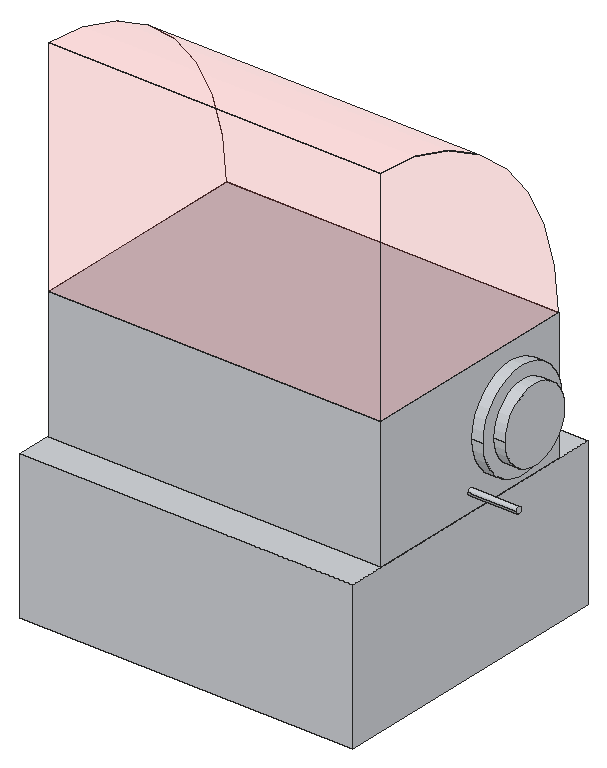
Revit family
Parameters (values of type "120 V Single Phase")
  Weight Scheduled [instance] = 39  # constant formula
  Voltage Workaround = Voltage / 1 V  # 120
  Voltage Scheduled = Voltage  # 120 V
  Voltage = 120 V  # constant formula
  VoltAmps Workaround [instance] = Voltage Workaround * Total FLA * sqrt(Phase)  # 108
  VoltAmps [instance] = VoltAmps Workaround * 1 VA  # 108 VA
  URL = "http://www.renewaire.com/_assets/files/SubmittalForms/br70.pdf"
  Total FLA [instance] = 0.9  # constant formula
  Supply Motor RPM Scheduled [instance] = 0
  Supply Motor HP Scheduled [instance] = 0
  Supply Motor Count Scheduled [instance] = 0
  Supply ESP Scheduled [instance] = Supply ESP  # 0.4
  Supply ESP [instance] = if(Supply CFM < 47 CFM, 0.4, if(Supply CFM < 60 CFM, 0.3, if(Supply CFM < 74 CFM, 0.2, if(Supply CFM < 87 CFM, 0.1, if(Supply CFM > 86 CFM, 0, 0)))))  # 0.4
  Supply CFM Scheduled [instance] = Supply CFM  # 0 CFM
  Supply CFM [instance] = 0 CFM
  Supply Air Winter RH Scheduled [instance] = 0
  Supply Air Winter DB Scheduled [instance] = 0
  Supply Air Summer RH Scheduled [instance] = 0
  Supply Air Summer DB Scheduled [instance] = 0
  Phase Scheduled = Phase  # 1
  Phase = 1  # constant formula
  Outside Air Winter RH Scheduled [instance] = 0
  Outside Air Winter DB Scheduled [instance] = 0
  Outside Air Summer RH Scheduled [instance] = 0
  Outside Air Summer DB Scheduled [instance] = 0
  Number of Poles = 1
  Model = "BR70"
  Manufacturer = "RenewAire"
  MOCP Scheduled [instance] = 0
  MCA Scheduled [instance] = 0
  FLA Scheduled [instance] = Total FLA  # 0.9
  Exhaust RH Scheduled [instance] = 0
  Exhaust Motor RPM Scheduled [instance] = 0
  Exhaust Motor HP Scheduled [instance] = 0
  Exhaust Motor Count Scheduled [instance] = 0
  Exhaust ESP Scheduled [instance] = Exhaust ESP  # 0.4
  Exhaust ESP [instance] = if(Exhaust CFM < 47 CFM, 0.4, if(Exhaust CFM < 60 CFM, 0.3, if(Exhaust CFM < 74 CFM, 0.2, if(Exhaust CFM < 87 CFM, 0.1, if(Exhaust CFM > 86 CFM, 0, 0)))))  # 0.4
  Exhaust DB Scheduled [instance] = 0
  Exhaust CFM Scheduled [instance] = Exhaust CFM  # 0 CFM
  Exhaust CFM [instance] = 0 CFM
  Enthalpy Effect Winter Scheduled [instance] = if(Supply CFM < 47 CFM, 75, if(Supply CFM < 60 CFM, 72, if(Supply CFM < 74 CFM, 69, if(Supply CFM < 87 CFM, 66, if(Supply CFM > 86 CFM, 0, 0)))))  # 75
  Enthalpy Effect Summer Scheduled [instance] = if(Supply CFM < 47 CFM, 62, if(Supply CFM < 60 CFM, 58, if(Supply CFM < 74 CFM, 54, if(Supply CFM < 87 CFM, 51, if(Supply CFM > 86 CFM, 0, 0)))))  # 62
  Duct Width [instance] = 2' - 0"
  Duct Height [instance] = 1' - 0"
  Duct Half Width [instance] = Duct Width / 2  # 1' - 0"
  Duct Half Height [instance] = Duct Height / 2  # 0' - 6"
Reference planes (in)
  plane 1 "Center (Front/Back)": y = 2.85361
  plane 2: z = 0
  plane 3 "Center (Left/Right)": x = 0
  plane 4 "DUCT NEAR SIDE": z = 6
  plane 5 "DUCT FAR SIDE": z = -6
  plane 6 "DUCT FRONT": y = -9.14639
  plane 7 "DUCT BACK": y = 14.85361
Forms (in)
  Extrusion 1, solid
    sketch origin (0, 0, 0) x (0, 1, 0) y (0, 0, 1)
      loop
        line (-9.14639, 6) -> (-9.14639, -6) -> (14.85361, -6) -> (14.85361, 6) -> (-9.14639, 6)
    from -13.5625 to 13.5625
  Extrusion 2, solid
    sketch origin (0, 0, 0) x (0, 1, 0) y (0, 0, 1)
      loop
        line (-6.27139, 16.625) -> (-6.27139, 6) -> (11.97861, 6) -> (11.97861, 16.625) -> (-6.27139, 16.625)
    from -13.5625 to 13.5625
  Extrusion 3, solid
    sketch origin (13.5625, 0, 0) x (0, 1, 0) y (0, 0, 1)
      loop
        circle (6.97861, 11.3125) r 3
    from 0 to 2
  Extrusion 4, solid
    sketch origin (13.5625, 0, 0) x (0, 1, 0) y (0, 0, 1)
      loop
        circle (6.97861, 11.3125) r 4
    from 0 to 1
  Extrusion 5, solid
    sketch origin (13.5625, 0, 0) x (0, 1, 0) y (0, 0, 1)
      loop
        circle (2.85361, 7.56205) r 0.25
    from 0 to 4
  Extrusion 6, solid
    sketch origin (-13.5625, 0, 0) x (0, -1, 0) y (0, 0, 1)
      loop
        circle (-7.47861, 11.3125) r 3
    from 0 to 2
  Extrusion 7, solid
    sketch origin (-13.5625, 0, 0) x (0, -1, 0) y (0, 0, 1)
      loop
        circle (-7.47861, 11.3125) r 4
    from 0 to 1
  Extrusion 8, solid
    sketch origin (0, 0, 0) x (0, 1, 0) y (0, 0, 1)
      loop
        line (-6.27139, 16.625) -> (11.91248, 16.625)
        arc (11.91248, 16.625) -> (6.58655, 29.48293) -> (-6.27139, 34.80887) r 18.18387
        line (-6.27139, 34.80887) -> (-6.27139, 16.625)
    from -13.5625 to 13.5625
Cuts and joins
  joined: Extrusion 2, Extrusion 3, Extrusion 4, Extrusion 5, Extrusion 6, Extrusion 7
Dimensions and locks (in)
  equal spacing: plane 6 "DUCT FRONT", plane 1 "Center (Front/Back)", plane 7 "DUCT BACK"
  "Duct Half Width": plane 6 "DUCT FRONT" to plane 1 "Center (Front/Back)"
  equal spacing: plane 4 "DUCT NEAR SIDE", level, plane 5 "DUCT FAR SIDE"
  "Duct Half Height": plane 4 "DUCT NEAR SIDE" to level
  plane 4 "DUCT NEAR SIDE" to Extrusion 2 sketch curve = 0' - 10 5/8"
  equal spacing: Extrusion 2 sketch curve, plane 1 "Center (Front/Back)", Extrusion 2 sketch curve
  Extrusion 2 sketch curve to plane 1 "Center (Front/Back)" = 0' - 9 1/8"
  equal spacing: Extrusion 2, Extrusion 3 sketch curve, Extrusion 2
  Extrusion 3 sketch curve to Extrusion 2 = 0' - 5"
  equal spacing: Extrusion 2, Extrusion 4 sketch curve, Extrusion 2
  Extrusion 4 sketch curve to Extrusion 2 = 0' - 5"
  equal spacing: Extrusion 2, Extrusion 5 sketch curve, Extrusion 2
  equal spacing: Extrusion 2, Extrusion 6 sketch curve, Extrusion 2
  Extrusion 2 to Extrusion 6 sketch curve = 0' - 4 1/2"
  Extrusion 2 to Extrusion 7 sketch curve = 0' - 4 1/2"
  equal spacing: Extrusion 2, Extrusion 7 sketch curve, Extrusion 2
  radius of Extrusion 8 sketch curve = 1' - 6.18387"
  aligned and locked: plane 6 "DUCT FRONT" to Extrusion 1 sketch curve
  aligned and locked: Extrusion 1 sketch curve to plane 7 "DUCT BACK"
  aligned and locked: Extrusion 1 sketch curve to plane 4 "DUCT NEAR SIDE"
  aligned and locked: Extrusion 1 sketch curve to plane 5 "DUCT FAR SIDE"
  aligned and locked: plane 4 "DUCT NEAR SIDE" to Extrusion 2 sketch curve
  aligned and locked: Extrusion 8 sketch curve to cut or joined group of Extrusion 2, Extrusion 3, Extrusion 4, Extrusion 5, Extrusion 6, Extrusion 7  (x2)
Automatic sketch dimensions
  Extrusion 5 sketch curve to Extrusion 2 = 0' - 1.56205"
  radius of Extrusion 3 sketch curve = 0' - 3"
  radius of Extrusion 4 sketch curve = 0' - 4"
  radius of Extrusion 5 sketch curve = 0' - 0 1/4"
  radius of Extrusion 6 sketch curve = 0' - 3"
  radius of Extrusion 7 sketch curve = 0' - 4"
Connectors (in)
  electrical at (17.5625, 2.85361, 7.56205), driven by "VoltAmps", driven by "Voltage", driven by "Number of Poles"
    settings: on Extrusion 5, index 1, voltage 120 V, apparent load 108 VA, apparent load phase1 0 VA, apparent load phase2 0 VA, apparent load phase3 0 VA, power factor 1, load classification "HVAC", number of poles 1, system type 30, power factor state 1, is connector primary yes, connector utility no, sub classification motor no, connector description "CORD CONNECTION"
  hvac at (15.5625, 6.97861, 11.3125), driven by "Exhaust CFM"
    settings: on cut or joined group of Extrusion 2, Extrusion 3, Extrusion 4, Extrusion 5, Extrusion 6, Extrusion 7, index 2, duct flow 0 CFM, flow factor 0, pres drop 0.00 in-wg, loss coef 0, conn angle 0.00°, conn width 12", conn height 12", conn radius 3", duct sys type 3, conn prof type 0, flow config 1, flow direction 2, loss method 0, conn ref index -1, conn util no, is conn primary yes, conn desc ""
  hvac at (-15.5625, 7.47861, 11.3125), driven by "Supply CFM"
    settings: on cut or joined group of Extrusion 2, Extrusion 3, Extrusion 4, Extrusion 5, Extrusion 6, Extrusion 7, index 3, duct flow 0 CFM, flow factor 0, pres drop 0.00 in-wg, loss coef 0, conn angle 0.00°, conn width 12", conn height 12", conn radius 3", duct sys type 1, conn prof type 0, flow config 1, flow direction 1, loss method 0, conn ref index -1, conn util no, is conn primary no, conn desc ""
  hvac at (-13.5625, 2.85361, 0), driven by "Supply CFM", driven by "Duct Height", driven by "Duct Width"
    settings: on Extrusion 1, index 4, duct flow 0 CFM, flow factor 0, pres drop 0.00 in-wg, loss coef 0, conn angle 0.00°, conn width 24", conn height 12", conn radius 12", duct sys type 29, conn prof type 1, flow config 0, flow direction 0, loss method 0, conn ref index 5, conn util no, is conn primary no, conn desc ""
  hvac at (13.5625, 2.85361, 0), driven by "Supply CFM", driven by "Duct Height", driven by "Duct Width"
    settings: on Extrusion 1, index 5, duct flow 0 CFM, flow factor 0, pres drop 0.00 in-wg, loss coef 0, conn angle 0.00°, conn width 24", conn height 12", conn radius 12", duct sys type 29, conn prof type 1, flow config 0, flow direction 0, loss method 0, conn ref index 4, conn util no, is conn primary no, conn desc ""
